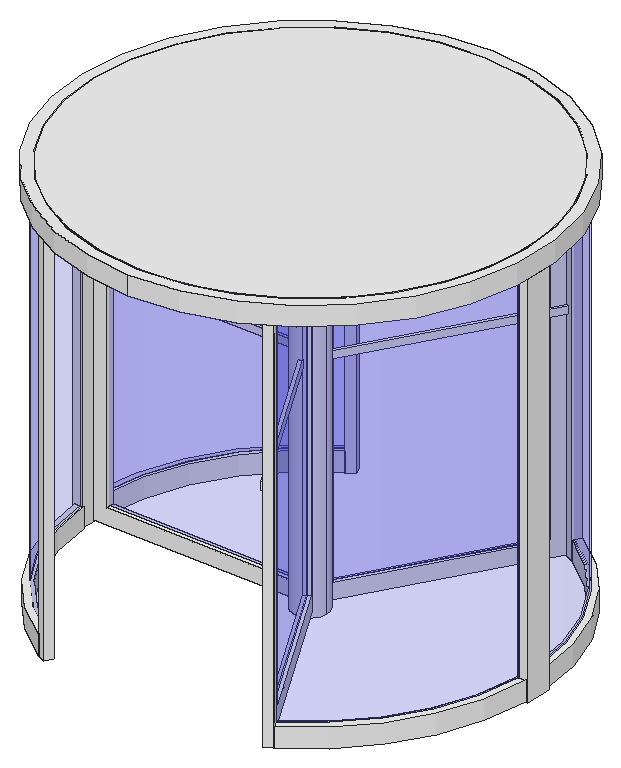
Revit family "M_Porta-Externa-Giratória-Vidro completo-Metal", category Portas, Revit 2019
Family settings
  Hospedeiro = Parede
  Número OmniClass = 23.30.10.00
  Título OmniClass = Doors
  Sempre na vertical = Sim
  Corte com vazios quando carregada = Não
  Compartilhado = Não
  Ponto de cálculo do ambiente = Não
Parameters (values of type "2400 x 2100mm")
  Largura do painel = Largura bruta / 2 - 80 mm - 25 mm  # 1102.5 mm
  Visual Light Transmittance = 0
  Resistência térmica (R) = 0.242926 (m²·K)/W
  Solar Heat Gain Coefficient = 0
  Largura bruta = Largura + 15 mm  # 2415 mm
  Altura bruta = Altura + 10 mm  # 2110 mm
  Diâmetro externo = Largura bruta  # 2415 mm
  Material da barra de empuxe = Alumín. 1
  Altura da barra de empuxe = 1200 mm
  Material do painel = Alumín. 1
  Raio interno = Diâmetro interno / 2  # 1147.5 mm
  Diâmetro interno = Diâmetro externo - 120 mm  # 2295 mm
  Coeficiente de transferência de calor (U) = 4.11674 W/(m²·K)
  Raio da vidraça = Raio interno + 10 mm  # 1157.5 mm
  Vidraça = Vidro
  Função = Exterior
  Altura = 2100 mm
  Fechamento da parede = Por hospedeiro
  Largura = 2400 mm
  Material da moldura = Alumín. 1
  Largura da abertura da porta = Largura bruta - 2 * 650 mm  # 1115 mm
  Código de montagem = "B2030100"
  Construção analítica = "Moldura de metal, porta de vidro duplo"
Reference planes
  plane 1 "Centro (Frente/Trás)": y = 0
  plane 2 "Centro (Esquerda/Direita)": x = 0
  plane 3 "Esquerda": x = -1207.5
  plane 4 "Direita": x = 1207.5
  plane 5 "Superior": z = 2110
  plane 6 "Exterior": y = 76.2
  plane 7 "Interior": y = -76.2
  plane 8: x = -557.5
  plane 9: x = 557.5
  plane 10: z = 101.6
  plane 11: z = 0
  plane 12: x = 1194.8
  plane 13: z = 1200
  plane 14: z = 2100
  plane 15: x = 1150.35
  plane 16: y = 67.469
  plane 17: y = -67.469
  plane 18: x = -1150.35
  plane 19: x = -1194.8
  plane 20: y = 19.05
  plane 21: y = -19.05
  plane 22: z = 25.4
  plane 23: z = 2008.4
  plane 24: z = 1983
  plane 25: z = 1916.325
  plane 26: z = 92.075
  plane 27: z = 1219.05
  plane 28: z = 1180.95
  plane 29: x = -25.4
  plane 30: x = -1131.3
  plane 31: through (12.7, 21.997, 2133.6) normal (0.5, 0.866, 0)
  plane 32: through (12.7, -21.997, 2133.6) normal (0.5, -0.866, 0)
  plane 33: through (563.95, 976.79, 2133.6) normal (0.5, 0.866, 0)
  plane 34: through (602.05, 1042.781, 0) normal (0.5, 0.866, 0)
  plane 35: through (602.05, -1042.781, 0) normal (0.5, -0.866, 0)
  plane 36: through (563.95, -976.79, 0) normal (0.5, -0.866, 0)
Forms (mm)
  Extrusion 1, solid, material "Alumín. 1" <- "Material da moldura"
    sketch origin (0, 0, 0) x (1, 0, 0) y (0, 1, 0)
      loop
        line (-1207.5, 67.469) -> (-1207.5, -67.469) -> (-1150.35, -67.469) -> (-1150.35, 67.469) -> (-1207.5, 67.469)
      loop
        line (1150.35, 67.469) -> (1150.35, -67.469) -> (1207.5, -67.469) -> (1207.5, 67.469) -> (1150.35, 67.469)
    from 0 to 2008.4
  Extrusion 2, solid, material "Alumín. 1" <- "Material da moldura"
    sketch origin (0, 0, 0) x (1, 0, 0) y (0, 1, 0)
      loop
        line (-1145.515, -67.469) -> (-1192.922, -67.469)
        arc (-1192.922, -67.469) -> (-1025.049, -613.914) -> (-622.54, -1019.833) r 1194.828
        line (-622.54, -1019.833) -> (-600.205, -978.014)
        arc (-600.205, -978.014) -> (-984.458, -589.575) -> (-1145.515, -67.469) r 1147.5
      loop
        line (600.205, -978.014) -> (622.54, -1019.833)
        arc (622.54, -1019.833) -> (1025.049, -613.914) -> (1192.922, -67.469) r 1194.828
        line (1192.922, -67.469) -> (1145.515, -67.469)
        arc (1145.515, -67.469) -> (984.458, -589.575) -> (600.205, -978.014) r 1147.5
      loop
        line (1145.515, 67.469) -> (1192.922, 67.469)
        arc (1192.922, 67.469) -> (1025.049, 613.914) -> (622.54, 1019.833) r 1194.828
        line (622.54, 1019.833) -> (600.205, 978.014)
        arc (600.205, 978.014) -> (984.458, 589.575) -> (1145.515, 67.469) r 1147.5
      loop
        line (-600.205, 978.014) -> (-622.54, 1019.833)
        arc (-622.54, 1019.833) -> (-1025.049, 613.914) -> (-1192.922, 67.469) r 1194.828
        line (-1192.922, 67.469) -> (-1145.515, 67.469)
        arc (-1145.515, 67.469) -> (-984.458, 589.575) -> (-600.205, 978.014) r 1147.5
    from 0 to 101.6
  Extrusion 3, solid, material "Alumín. 1" <- "Material da moldura"
    sketch origin (0, 0, 0) x (1, 0, 0) y (0, 1, 0)
      loop
        circle (0, 0) r 88.9
    from 0 to 2008.4
  Extrusion 4, solid, material "Alumín. 1" <- "Material do painel"
    sketch origin (0, 0, 0) x (1, 0, 0) y (0, 0, 1)
      loop
        line (-1131.3, 1983) -> (-1131.3, 25.4) -> (-25.4, 25.4) -> (-25.4, 1983) -> (-1131.3, 1983)
      loop
        line (-92.075, 106.363) -> (-92.075, 1916.325) -> (-1064.625, 1916.325) -> (-1064.625, 106.363) -> (-92.075, 106.363)
    from -19.05 to 19.05
  Extrusion 5, solid, material "Vidro" <- "Vidraça"
    sketch origin (0, 0, 0) x (1, 0, 0) y (0, 0, 1)
      loop
        line (-92.075, 1916.325) -> (-1064.625, 1916.325) -> (-1064.625, 106.363) -> (-92.075, 106.363) -> (-92.075, 1916.325)
    from -3.175 to 3.175
  Extrusion 6, solid, material "Alumín. 1" <- "Material da moldura"
    sketch origin (0, 0, 0) x (1, 0, 0) y (0, 1, 0)
      loop
        circle (0, 0) r 1147.5
    from 2008.4 to 2110
  Sweep 7, solid, material "Alumín. 1" <- "Material da moldura"
    path origin (0, 0, 2110) x (0, -1, 0) y (1, 0, 0)
      loop
        circle (0, 0) r 1207.5
    profile origin (-1207.5, 0, 2110) x (-1, 0, 0) y (0, 0, 1)
      loop
        line (0, 0) -> (-57.15, 0) -> (-57.15, -101.6) -> (0, -101.6) -> (0, 0)
  Extrusion 8, solid, material "Vidro" <- "Vidraça"
    sketch origin (0, 0, 0) x (1, 0, 0) y (0, 1, 0)
      loop
        line (-604.193, 987.298) -> (-607.384, 992.789)
        arc (-607.384, 992.789) -> (-998.318, 598.253) -> (-1161.892, 67.469) r 1163.85
        line (-1161.892, 67.469) -> (-1155.532, 67.469)
        arc (-1155.532, 67.469) -> (-992.814, 595.085) -> (-604.193, 987.298) r 1157.5
      loop
        arc (604.193, 987.298) -> (992.814, 595.085) -> (1155.532, 67.469) r 1157.5
        line (1155.532, 67.469) -> (1161.892, 67.469)
        arc (1161.892, 67.469) -> (998.318, 598.253) -> (607.384, 992.789) r 1163.85
        line (607.384, 992.789) -> (604.193, 987.298)
      loop
        arc (-604.193, -987.298) -> (-992.814, -595.085) -> (-1155.532, -67.469) r 1157.5
        line (-1155.532, -67.469) -> (-1161.892, -67.469)
        arc (-1161.892, -67.469) -> (-998.318, -598.253) -> (-607.384, -992.789) r 1163.85
        line (-607.384, -992.789) -> (-604.193, -987.298)
      loop
        line (604.193, -987.298) -> (607.384, -992.789)
        arc (607.384, -992.789) -> (998.318, -598.253) -> (1161.892, -67.469) r 1163.85
        line (1161.892, -67.469) -> (1155.532, -67.469)
        arc (1155.532, -67.469) -> (992.814, -595.085) -> (604.193, -987.298) r 1157.5
    from 101.6 to 2008.4
  Extrusion 9, solid, material "Alumín. 1" <- "Material da moldura"
    sketch origin (0, 0, 0) x (1, 0, 0) y (0, 1, 0)
      loop
        line (-557.692, 1002.864) -> (-580.02, 1044.601)
        arc (-580.02, 1044.601) -> (-601.408, 1032.436) -> (-622.54, 1019.833) r 1194.828
        line (-622.54, 1019.833) -> (-600.205, 978.014)
        arc (-600.205, 978.014) -> (-579.082, 990.667) -> (-557.692, 1002.864) r 1147.5
      loop
        line (600.205, 978.014) -> (622.646, 1020.031)
        arc (622.646, 1020.031) -> (601.514, 1032.634) -> (580.126, 1044.799) r 1195.053
        line (580.126, 1044.799) -> (557.692, 1002.864)
        arc (557.692, 1002.864) -> (579.082, 990.667) -> (600.205, 978.014) r 1147.5
      loop
        arc (-557.692, -1002.864) -> (-579.082, -990.667) -> (-600.205, -978.014) r 1147.5
        line (-600.205, -978.014) -> (-622.54, -1019.833)
        arc (-622.54, -1019.833) -> (-601.376, -1030.758) -> (-580.02, -1041.303) r 1334.17
        line (-580.02, -1041.303) -> (-557.692, -1002.864)
      loop
        arc (600.205, -978.014) -> (579.082, -990.667) -> (557.692, -1002.864) r 1147.5
        line (557.692, -1002.864) -> (580.02, -1041.303)
        arc (580.02, -1041.303) -> (601.376, -1030.758) -> (622.54, -1019.833) r 1334.17
        line (622.54, -1019.833) -> (600.205, -978.014)
    from 0 to 2008.4
  Extrusion 10, solid, material "Alumín. 1" <- "Material da barra de empuxe", detail levels fine
    sketch origin (0, 0, 0) x (1, 0, 0) y (0, 1, 0)
      loop
        line (-1131.3, 38.1) -> (-1131.3, 19.05) -> (-58.738, 19.05) -> (-58.738, 38.1) -> (-1131.3, 38.1)
    from 1180.95 to 1219.05
  Extrusion 11, solid, material "Alumín. 1" <- "Material do painel"
    sketch origin (0, 0, 0) x (0.5, 0.866025, 0) y (0, 0, 1)
      loop
        line (1127.9, 1983) -> (25.4, 1983) -> (25.4, 25.4) -> (1127.9, 25.4) -> (1127.9, 1983)
      loop
        line (92.075, 106.362) -> (1061.225, 106.362) -> (1061.225, 1916.325) -> (92.075, 1916.325) -> (92.075, 106.362)
    from -19.05 to 19.05
  Extrusion 12, solid, material "Vidro" <- "Vidraça"
    sketch origin (0, 0, 0) x (0.5, 0.866025, 0) y (0, 0, 1)
      loop
        line (92.075, 1916.325) -> (92.075, 106.362) -> (1061.225, 106.362) -> (1061.225, 1916.325) -> (92.075, 1916.325)
    from -3.175 to 3.175
  Extrusion 13, solid, material "Alumín. 1" <- "Material da barra de empuxe", detail levels fine
    sketch origin (0, 0, 0) x (0.5, 0.866025, 0) y (-0.866025, 0.5, 0)
      loop
        line (1127.9, -38.1) -> (1127.9, -19.05) -> (58.737, -19.05) -> (58.737, -38.1) -> (1127.9, -38.1)
    from 1180.95 to 1219.05
  Extrusion 14, solid, material "Alumín. 1" <- "Material do painel"
    sketch origin (0, 0, 0) x (0.5, -0.866025, 0) y (0, 0, 1)
      loop
        line (1127.9, 1983) -> (25.4, 1983) -> (25.4, 25.4) -> (1127.9, 25.4) -> (1127.9, 1983)
      loop
        line (92.075, 106.362) -> (1061.225, 106.362) -> (1061.225, 1916.325) -> (92.075, 1916.325) -> (92.075, 106.362)
    from -19.05 to 19.05
  Extrusion 15, solid, material "Vidro" <- "Vidraça"
    sketch origin (0, 0, 0) x (0.5, -0.866025, 0) y (0, 0, 1)
      loop
        line (92.075, 1916.325) -> (92.075, 106.362) -> (1061.225, 106.362) -> (1061.225, 1916.325) -> (92.075, 1916.325)
    from -3.175 to 3.175
  Extrusion 16, solid, material "Alumín. 1" <- "Material da barra de empuxe", detail levels fine
    sketch origin (0, 0, 0) x (0.5, -0.866025, 0) y (0.866025, 0.5, 0)
      loop
        line (1127.9, -38.1) -> (1127.9, -19.05) -> (58.737, -19.05) -> (58.737, -38.1) -> (1127.9, -38.1)
    from 1180.95 to 1219.05
  Extrusion 17, void
    sketch origin (0, 0, 0) x (0.5, -0.866025, 0) y (0.866025, 0.5, 0)
      loop
        circle (0, 0) r 88.9
    from -344.439 to 2341.815
Cuts and joins
  Extrusion 17 cuts Extrusion 11
  Extrusion 17 cuts Extrusion 4
  Extrusion 17 cuts Extrusion 14
  Extrusion 17 cuts Extrusion 13
  Extrusion 17 cuts Extrusion 16
  Extrusion 17 cuts Extrusion 10
Lines and regions (mm)
  Opening 1
    outline origin (-2286, -76.2, 0) x (1, 0, 0) y (0, 0, 1)
      loop
        line (1078.5, 0) -> (3493.5, 0) -> (3493.5, 2110) -> (1078.5, 2110) -> (1078.5, 0)
  Masking region 1
    outline origin (0, 0, 0) x (0.5, -0.866025, 0) y (0.866025, 0.5, 0)
      loop
        arc (-1206.348, 52.74) -> (-603.75, -1045.726) -> (648.848, -1018.358) r 1207.5
        line (648.848, -1018.358) -> (589.848, -984.294)
        arc (589.848, -984.294) -> (-573.75, -993.764) -> (-1147.348, 18.676) r 1147.5
        line (-1147.348, 18.676) -> (-1206.348, 52.74)
      loop
        line (-648.848, 1018.358) -> (-589.848, 984.294)
        arc (-589.848, 984.294) -> (573.75, 993.764) -> (1147.348, -18.676) r 1147.5
        line (1147.348, -18.676) -> (1206.348, -52.74)
        arc (1206.348, -52.74) -> (603.75, 1045.726) -> (-648.848, 1018.358) r 1207.5
  Masking region 2
    outline origin (0, 0, 0) x (0.5, -0.866025, 0) y (0.866025, 0.5, 0)
      loop
        line (-582.148, -970.21) -> (-549.152, -989.26) -> (-26.92, -84.726)
        arc (-26.92, -84.726) -> (-44.45, -76.99) -> (-59.915, -65.676) r 88.9
        line (-59.915, -65.676) -> (-582.148, -970.21)
      loop
        line (-26.92, 84.726) -> (-547.452, 986.315) -> (-580.448, 967.265) -> (-59.915, 65.676)
        arc (-59.915, 65.676) -> (-44.45, 76.99) -> (-26.92, 84.726) r 88.9
      loop
        line (86.835, -19.05) -> (1127.9, -19.05) -> (1127.9, 19.05) -> (86.835, 19.05)
        arc (86.835, 19.05) -> (88.9, 0) -> (86.835, -19.05) r 88.9
  Masking region 3
    outline origin (0, 0, 0) x (0.5, -0.866025, 0) y (0.866025, 0.5, 0)
      loop
        circle (0, 0) r 88.9
  reference lines
    curve 1: line (0, 0, 0) -> (954.091, 1652.535, 0)
    curve 2: line (0, 0, 0) -> (1042.991, -1806.514, 0)
  model lines, style "DoorsGlassProjection"
    curve 3: line (-1064.625, 0, 1916.325) -> (-1064.625, 0, 106.363)
    curve 4: line (-92.075, 0, 1916.325) -> (-92.075, 0, 106.363)
    curve 5: line (46.038, -79.739, 1916.325) -> (46.038, -79.739, 106.362)
    curve 6: line (530.612, -919.048, 1916.325) -> (530.612, -919.048, 106.362)
    curve 7: line (46.037, 79.739, 1916.325) -> (46.037, 79.739, 106.362)
    curve 8: line (530.612, 919.048, 1916.325) -> (530.612, 919.048, 106.362)
  symbolic lines, style "Abertura da planta - Traço"
    curve 9: arc (-557.5, -1071.098, 0) -> (0, -1207.5, 0) -> (557.5, -1071.098, 0) r 1207.5
    curve 11: arc (-557.5, 1071.098, 0) -> (0, 1207.5, 0) -> (557.5, 1071.098, 0) r 1207.5
  symbolic lines, style "Giro da planta"
    curve 10: arc (-557.5, -1002.971, 0) -> (0, -1147.5, 0) -> (557.5, -1002.971, 0) r 1147.5
    curve 12: arc (-557.5, 1002.971, 0) -> (0, 1147.5, 0) -> (557.5, 1002.971, 0) r 1147.5
Text (mm)
  text "Exterior" at (-1904.17, 693.701, 0), in view "Nível de referência"
  text "Interior" at (-1904.17, -638.649, 0), in view "Nível de referência"
  text "Exterior" at (0, 1019.848, 3124.603), in view "Direita"
  text "Interior" at (0, -1635.541, 3124.603), in view "Direita"
  text "Interior" at (0, -787.806, 3124.376), in view "Esquerda"
  text "Exterior" at (0, 1386.095, 3124.376), in view "Esquerda"
Dimensions and locks
  equal spacing: plane 3 "Esquerda", plane 2 "Centro (Esquerda/Direita)", plane 4 "Direita"
  "Altura bruta": level to plane 5 "Superior"
  "Largura bruta": plane 3 "Esquerda" to plane 4 "Direita"
  host wall to plane 5 "Superior" = 2110 mm
  equal spacing: plane 8, plane 2 "Centro (Esquerda/Direita)", plane 9
  "Largura da abertura da porta": plane 8 to plane 9
  "Altura da barra de empuxe": plane 11 to plane 13
  "Altura": plane 11 to plane 14
  locked: plane 15 to plane 12 at 44.45
  equal spacing: plane 16, plane 1 "Centro (Frente/Trás)", plane 17
  plane 16 to plane 17 = 134.937 mm
  locked: plane 11 to plane 10 at 101.6
  equal spacing: plane 20, plane 1 "Centro (Frente/Trás)", plane 21
  locked: plane 20 to plane 21 at 38.1
  locked: plane 23 to plane 5 "Superior" at 101.6
  locked: plane 24 to plane 23 at 25.4
  locked: plane 25 to plane 24 at 66.675
  locked: plane 11 to plane 22 at 25.4
  locked: plane 22 to plane 26 at 66.675
  equal spacing: plane 28, plane 13, plane 27
  plane 28 to plane 27 = 38.1 mm
  locked: plane 3 "Esquerda" to plane 19 at 12.7
  locked: plane 12 to plane 4 "Direita" at 12.7
  locked: plane 29 to plane 2 "Centro (Esquerda/Direita)" at 25.4
  equal spacing: Extrusion 4, Extrusion 10 sketch curve, Extrusion 4
  locked: plane 18 to plane 30 at 19.05
  locked: Extrusion 5 sketch curve to plane 30 at 66.675
  locked: plane 19 to plane 18 at 44.45
  locked: plane 31 to curve 2 at 25.4
  locked: plane 32 to curve 2 at 25.4
  locked: plane 34 to plane 33 at 76.2
  equal spacing: Extrusion 11, Extrusion 13 sketch curve, Extrusion 11
  equal spacing: Extrusion 14, Extrusion 16 sketch curve, Extrusion 14
  "Largura do painel": plane 36 to plane 32
  "Largura do painel": plane 33 to plane 31
  locked: Extrusion 13 sketch curve to Extrusion 13 sketch curve at 19.05
  locked: Extrusion 16 sketch curve to Extrusion 16 sketch curve at 19.05
  locked: plane 35 to plane 36 at 76.2
  "Diâmetro externo": diameter of Sweep 7 sketch curve
  "Diâmetro interno": diameter of Extrusion 6 sketch curve
  "Raio interno": radius of Extrusion 2 sketch curve  (x4)
  "Raio da vidraça": radius of Extrusion 8 sketch curve  (x4)
  "Raio interno": radius of Extrusion 9 sketch curve  (x4)
  radius of Extrusion 3 sketch curve = 88.9 mm
  "Diâmetro externo": diameter of Masking region 1 sketch curve  (x2)
  diameter of Masking region 3 sketch curve = 177.8 mm
  radius of Extrusion 17 sketch curve = 88.9 mm
  radius of Masking region 2 sketch curve = 88.9 mm  (x3)
  "Raio interno": radius of Masking region 1 sketch curve  (x2)
  "Diâmetro externo": diameter of curve 9
  "Raio interno": radius of curve 10
  "Raio interno": radius of curve 12
  "Diâmetro externo": diameter of curve 11
  locked: curve 1 to plane 2 "Centro (Esquerda/Direita)" (angle 30.00°)
  locked: plane 2 "Centro (Esquerda/Direita)" to curve 2 (angle 30.00°)
  aligned and locked: plane 3 "Esquerda" to Opening 1 sketch curve
  aligned and locked: plane 5 "Superior" to Opening 1 sketch curve  (x2)
  aligned and locked: Opening 1 sketch curve to plane 4 "Direita"
  aligned and locked: Opening 1 sketch curve to level
  aligned and locked: plane 6 "Exterior" to host wall
  aligned and locked: plane 7 "Interior" to host wall
  aligned and locked: level to plane 11
  aligned and locked: Extrusion 1 sketch curve to plane 16  (x2)
  aligned and locked: Extrusion 1 sketch curve to plane 17  (x2)
  aligned and locked: plane 15 to Extrusion 1 sketch curve
  aligned and locked: plane 18 to Extrusion 1 sketch curve
  aligned and locked: plane 10 to Extrusion 2
  aligned and locked: plane 20 to Extrusion 4
  aligned and locked: Extrusion 4 to plane 21
  aligned and locked: Extrusion 6 to plane 5 "Superior"
  aligned and locked: Extrusion 6 to plane 23
  aligned and locked: plane 23 to Extrusion 3
  aligned and locked: plane 23 to Extrusion 1
  aligned and locked: plane 23 to Extrusion 9
  aligned and locked: plane 27 to Extrusion 10
  aligned and locked: Extrusion 10 to plane 28
  aligned and locked: Extrusion 4 to Extrusion 10 sketch curve
  aligned and locked: plane 23 to Extrusion 8
  aligned and locked: plane 24 to Extrusion 4 sketch curve
  aligned and locked: Extrusion 4 sketch curve to plane 25
  aligned and locked: Extrusion 5 sketch curve to plane 25
  aligned and locked: plane 16 to Extrusion 2 sketch curve
  aligned and locked: Extrusion 2 sketch curve to plane 17
  aligned and locked: Extrusion 2 sketch curve to plane 16
  aligned and locked: plane 17 to Extrusion 2 sketch curve
  aligned and locked: plane 1 "Centro (Frente/Trás)" to Sweep 7 sketch curve
  aligned and locked: plane 2 "Centro (Esquerda/Direita)" to Sweep 7 sketch curve
  aligned and locked: plane 2 "Centro (Esquerda/Direita)" to Extrusion 6 sketch curve
  aligned and locked: plane 1 "Centro (Frente/Trás)" to Extrusion 6 sketch curve
  aligned and locked: plane 18 to Sweep 7 sketch curve
  aligned and locked: plane 2 "Centro (Esquerda/Direita)" to Extrusion 2 sketch curve  (x4)
  aligned and locked: plane 1 "Centro (Frente/Trás)" to Extrusion 2 sketch curve  (x3)
  aligned and locked: Extrusion 4 sketch curve to plane 29
  aligned and locked: plane 1 "Centro (Frente/Trás)" to Extrusion 8 sketch curve  (x4)
  aligned and locked: plane 2 "Centro (Esquerda/Direita)" to Extrusion 8 sketch curve  (x4)
  aligned and locked: Extrusion 8 sketch curve to plane 16
  aligned and locked: Extrusion 1 to Extrusion 8 sketch curve
  aligned and locked: plane 17 to Extrusion 8 sketch curve  (x2)
  aligned and locked: Extrusion 4 sketch curve to plane 30
  aligned and locked: plane 30 to Extrusion 10 sketch curve
  aligned and locked: plane 24 to Extrusion 14 sketch curve
  aligned and locked: Extrusion 14 sketch curve to plane 25
  aligned and locked: Extrusion 15 sketch curve to plane 25
  aligned and locked: plane 24 to Extrusion 11 sketch curve
  aligned and locked: Extrusion 11 sketch curve to plane 25
  aligned and locked: Extrusion 12 sketch curve to plane 25
  aligned and locked: Extrusion 9 sketch curve to Extrusion 2  (x4)
  aligned and locked: plane 1 "Centro (Frente/Trás)" to Extrusion 9 sketch curve  (x4)
  aligned and locked: plane 2 "Centro (Esquerda/Direita)" to Extrusion 9 sketch curve  (x4)
  aligned and locked: Extrusion 11 to Extrusion 13 sketch curve
  aligned and locked: Extrusion 13 sketch curve to plane 33
  aligned and locked: Extrusion 11 sketch curve to plane 31
  aligned and locked: plane 33 to Extrusion 11 sketch curve
  aligned and locked: Extrusion 12 sketch curve to Extrusion 11  (x3)
  aligned and locked: Extrusion 16 sketch curve to plane 36
  aligned and locked: Extrusion 14 to Extrusion 16 sketch curve
  aligned and locked: Extrusion 14 sketch curve to plane 32
  aligned and locked: plane 36 to Extrusion 14 sketch curve
  aligned and locked: Extrusion 15 sketch curve to Extrusion 14  (x2)
  aligned and locked: plane 27 to Extrusion 13
  aligned and locked: Extrusion 13 to plane 28
  aligned and locked: plane 27 to Extrusion 16
  aligned and locked: Extrusion 16 to plane 28
  aligned and locked: Masking region 2 sketch curve to plane 20
  aligned and locked: Masking region 2 sketch curve to plane 21
  aligned and locked: plane 30 to Masking region 2 sketch curve
  aligned and locked: Extrusion 11 to Masking region 2 sketch curve
  aligned and locked: Masking region 2 sketch curve to Extrusion 11  (x2)
  aligned and locked: Extrusion 14 to Masking region 2 sketch curve
  aligned and locked: Masking region 2 sketch curve to Extrusion 14  (x2)
  aligned and locked: plane 1 "Centro (Frente/Trás)" to Masking region 1 sketch curve  (x3)
  aligned and locked: plane 1 "Centro (Frente/Trás)" to Masking region 3 sketch curve
  aligned and locked: plane 2 "Centro (Esquerda/Direita)" to Masking region 3 sketch curve
  aligned and locked: Extrusion 1 sketch curve to plane 3 "Esquerda"
  aligned and locked: plane 4 "Direita" to Extrusion 1 sketch curve
  aligned and locked: Extrusion 5 sketch curve to Extrusion 4
  aligned and locked: plane 25 to curve 3
  aligned and locked: curve 4 to Extrusion 5
  aligned and locked: plane 25 to curve 4
  aligned and locked: Extrusion 5 to curve 4
  aligned and locked: curve 5 to Extrusion 15  (x2)
  aligned and locked: curve 6 to Extrusion 15
  aligned and locked: plane 25 to curve 5
  aligned and locked: plane 25 to curve 6
  aligned and locked: Extrusion 15 to curve 6
  aligned and locked: plane 25 to curve 7
  aligned and locked: plane 25 to curve 8
  aligned and locked: curve 7 to Extrusion 12  (x2)
  aligned and locked: Extrusion 12 to curve 8
  aligned and locked: curve 8 to Extrusion 12
  aligned and locked: plane 2 "Centro (Esquerda/Direita)" to Extrusion 17 sketch curve
  aligned and locked: plane 1 "Centro (Frente/Trás)" to Extrusion 17 sketch curve
  aligned and locked: Masking region 1 sketch curve to plane 8
  aligned and locked: plane 8 to Masking region 1 sketch curve
  aligned and locked: Masking region 1 sketch curve to plane 9
  aligned and locked: plane 9 to Masking region 1 sketch curve
  aligned and locked: plane 2 "Centro (Esquerda/Direita)" to Masking region 1 sketch curve  (x3)
  aligned and locked: plane 8 to curve 9
  aligned and locked: plane 9 to curve 9
  aligned and locked: plane 2 "Centro (Esquerda/Direita)" to curve 10
  aligned and locked: plane 1 "Centro (Frente/Trás)" to curve 10
  aligned and locked: plane 8 to curve 10
  aligned and locked: plane 9 to curve 10
  aligned and locked: plane 2 "Centro (Esquerda/Direita)" to curve 12
  aligned and locked: plane 2 "Centro (Esquerda/Direita)" to curve 11
  aligned and locked: plane 1 "Centro (Frente/Trás)" to curve 12
  aligned and locked: plane 1 "Centro (Frente/Trás)" to curve 11
  aligned and locked: plane 1 "Centro (Frente/Trás)" to curve 9
  aligned and locked: plane 2 "Centro (Esquerda/Direita)" to curve 9
  aligned and locked: plane 8 to curve 12
  aligned and locked: plane 8 to curve 11
  aligned and locked: plane 9 to curve 12
  aligned and locked: plane 9 to curve 11
Automatic sketch dimensions
  host wall to Extrusion 3 sketch curve = 0 mm
  Extrusion 3 sketch curve to plane 2 "Centro (Esquerda/Direita)" = 0 mm
  curve 1 to Extrusion 11 sketch curve = 92.075 mm
  Extrusion 11 sketch curve to curve 1 = 106.362 mm
  Extrusion 11 sketch curve to Extrusion 11 sketch curve = 66.675 mm
  Extrusion 11 sketch curve to curve 1 = 25.4 mm
  curve 2 to Extrusion 14 sketch curve = 92.075 mm
  Extrusion 14 sketch curve to curve 2 = 106.362 mm
  Extrusion 14 sketch curve to Extrusion 14 sketch curve = 66.675 mm
  Extrusion 14 sketch curve to curve 2 = 25.4 mm
  curve 2 to Extrusion 15 sketch curve = 92.075 mm
  Masking region 2 sketch curve to Masking region 2 sketch curve = 0 mm  (x7)
  Masking region 2 sketch curve to curve 2 = 0 mm  (x2)
  Masking region 1 sketch curve to Masking region 1 sketch curve = 0 mm  (x2)
  Extrusion 2 sketch curve to Extrusion 2 sketch curve = 0 mm  (x9)
  plane 19 to Extrusion 2 sketch curve = 1.878 mm  (x2)
  Extrusion 2 sketch curve to plane 8 = 65.04 mm  (x2)
  Extrusion 2 sketch curve to plane 8 = 42.705 mm  (x2)
  Extrusion 2 sketch curve to plane 9 = 42.705 mm  (x2)
  Extrusion 2 sketch curve to Extrusion 2 sketch curve = 22.335 mm  (x2)
  plane 12 to Extrusion 2 sketch curve = 1.878 mm  (x2)
  Extrusion 4 sketch curve to plane 22 = 0 mm
  plane 10 to Extrusion 4 sketch curve = 4.763 mm
  plane 30 to Extrusion 4 sketch curve = 66.675 mm
  plane 29 to Extrusion 4 sketch curve = 66.675 mm
  plane 29 to Extrusion 5 sketch curve = 66.675 mm
  Sweep 7 sketch curve to plane 5 "Superior" = 0 mm
  Sweep 7 sketch curve to profile plane = 0 mm
  plane 5 "Superior" to Sweep 7 sketch curve = 101.6 mm
  Extrusion 8 sketch curve to Extrusion 8 sketch curve = 0 mm  (x8)
  Extrusion 8 sketch curve to Extrusion 8 sketch curve = 6.36 mm  (x4)
  plane 8 to Extrusion 8 sketch curve = 49.884 mm  (x2)
  Extrusion 8 sketch curve to Extrusion 8 sketch curve = 3.191 mm  (x4)
  plane 9 to Extrusion 8 sketch curve = 46.693 mm  (x2)
  Extrusion 9 sketch curve to Extrusion 9 sketch curve = 0 mm  (x5)
  Extrusion 9 sketch curve to plane 2 "Centro (Esquerda/Direita)" = 0 mm  (x2)
  Extrusion 9 sketch curve to Extrusion 9 sketch curve = 22.335 mm  (x2)
  Extrusion 9 sketch curve to plane 8 = 22.52 mm  (x2)
  Extrusion 9 sketch curve to plane 8 = 0.192 mm  (x2)
  Extrusion 9 sketch curve to plane 9 = 0.192 mm  (x2)
  Extrusion 9 sketch curve to plane 9 = 22.52 mm
  Extrusion 9 sketch curve to plane 9 = 22.626 mm
  Extrusion 9 sketch curve to Extrusion 9 sketch curve = 42.52 mm
  Extrusion 9 sketch curve to Extrusion 9 sketch curve = 22.441 mm
  Extrusion 9 sketch curve to Extrusion 9 sketch curve = 38.439 mm  (x2)
  plane 29 to Extrusion 10 sketch curve = 33.337 mm
  Extrusion 10 sketch curve to Extrusion 10 sketch curve = 19.05 mm
  plane 30 to curve 3 = 66.675 mm
  plane 10 to curve 3 = 4.763 mm
Types in the file's own list only (8): name | Largura do painel | Transmissão de luz visual | Resistência térmica (R) | Coeficiente de ganho de calor solar | Largura bruta | Altura bruta | Diâmetro externo | Raio interno | Diâmetro interno | Coeficiente de transferência de calor (U) | Raio da vidraça | Altura | Largura | Largura da abertura da porta
  1950 x 2100mm | 878 mm | 0 | 0.2429 (m²·K)/W | 0 | 1965 mm | 2110 mm | 1965 mm | 923 mm | 1845 mm | 4.1167 W/(m²·K) | 933 mm | 2100 mm | 1950 mm | 665 mm
  1950 x 2400mm | 878 mm | 0 | 0.2429 (m²·K)/W | 0 | 1965 mm | 2410 mm | 1965 mm | 923 mm | 1845 mm | 4.1167 W/(m²·K) | 933 mm | 2400 mm | 1950 mm | 665 mm
  1950 x 2700mm | 878 mm | 0 | 0.2429 (m²·K)/W | 0 | 1965 mm | 2710 mm | 1965 mm | 923 mm | 1845 mm | 4.1167 W/(m²·K) | 933 mm | 2700 mm | 1950 mm | 665 mm
  2100 x 2100mm | 953 mm | 0 | 0.2429 (m²·K)/W | 0 | 2115 mm | 2110 mm | 2115 mm | 998 mm | 1995 mm | 4.1167 W/(m²·K) | 1008 mm | 2100 mm | 2100 mm | 815 mm
  2100 x 2400mm | 953 mm | 0 | 0.2429 (m²·K)/W | 0 | 2115 mm | 2410 mm | 2115 mm | 998 mm | 1995 mm | 4.1167 W/(m²·K) | 1008 mm | 2400 mm | 2100 mm | 815 mm
  2100 x 2700mm | 953 mm | 0 | 0.2429 (m²·K)/W | 0 | 2115 mm | 2710 mm | 2115 mm | 998 mm | 1995 mm | 4.1167 W/(m²·K) | 1008 mm | 2700 mm | 2100 mm | 815 mm
  2400 x 2400mm | 1103 mm | 0 | 0.2429 (m²·K)/W | 0 | 2415 mm | 2410 mm | 2415 mm | 1148 mm | 2295 mm | 4.1167 W/(m²·K) | 1158 mm | 2400 mm | 2400 mm | 1115 mm
  2400 x 2700mm | 1103 mm | 0 | 0.2429 (m²·K)/W | 0 | 2415 mm | 2710 mm | 2415 mm | 1148 mm | 2295 mm | 4.1167 W/(m²·K) | 1158 mm | 2700 mm | 2400 mm | 1115 mm
